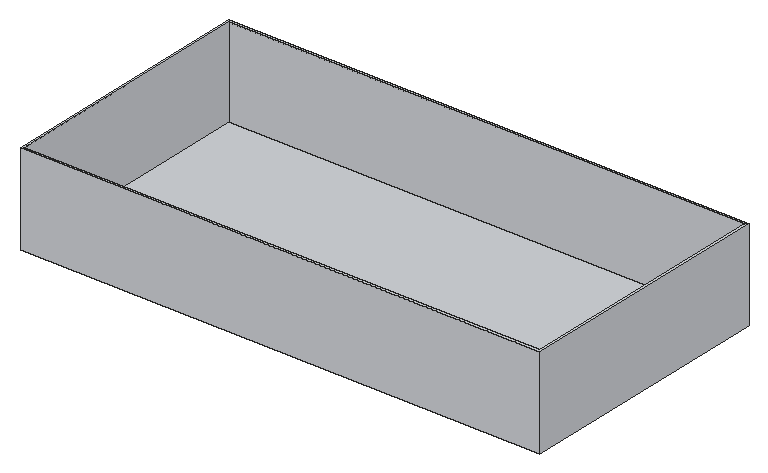
Revit family "Hager-Panelboard_600A-800A_Cable_Spreader-empty-UK-en", category Electrical Equipment, host Face, Revit 2020
Family settings
  Host = Face
  Panel Configuration = Two Columns, Circuits Across
  Round Connector Dimension = Use Diameter
  Part Type = Panelboard
  Cut with Voids When Loaded = No
  Shared = No
  Room Calculation Point = No
Parameters (values of type "Surface mounted P2XC W900 H450 D158 0 Modular spacings - JF806E")
  Width Control [instance] = if([HG000006 - Flush mounted], if([EF000846 - Built-in width] > min_whd, [EF000846 - Built-in width], min_whd), if([EF000008 - Width] > min_whd, ([EF000008 - Width]), min_whd))  # 900 mm
  Void Depth [instance] = if([HG000006 - Flush mounted], Depth Control, 1 mm)  # 1 mm
  Type Comments = [HG000003 - Range]  # "Panelboards"
  System Height [instance] = Height Control - 2 * [HG000005 - Thickness]  # 444 mm
  Model = [HG000004 - Manufacturer reference]  # "JF806E"
  HG000017 - Distance between poles = 18 mm
  HG000016 - Door 3d visibility [instance] = yes
  HG000015 - Clearance visibility [instance] = no
  HG000014 - Door on the right [instance] = yes
  HG000013 - Door on the left [instance] = not([HG000014 - Door on the right])  # no
  HG000012 - Door swing angle [instance] = 45.00°
  HG000011 - Empty rows from bottom = no
  HG000010 - Asymmetric doors = no
  HG000009 - Double swing door = no
  HG000008 - Number of empty rows = 0
  HG000007 - Number of empty columns = 0
  HG000006 - Flush mounted = no
  HG000005 - Thickness = 3 mm  # constant formula
  HG000004 - Manufacturer reference = "JF806E"
  HG000003 - Range = "Panelboards"
  HG000002 - With door or cover = no
  HG000001 - Number of columns = 0
  EF015941 - Signal passing door = no
  EF015777 - Neutral terminal block = yes
  EF015776 - Earthing terminal block = yes
  EF009212 - Cover model = ""
  EF006306 - With lock = yes
  EF006244 - Transparent cover/door = no
  EF005474 - Degree of protection (IP) = "EV009848 - IP2XC"
  EF004462 - Type of closure = "EV001412 - Cylinder"
  EF002950 - Width in number of modular spacings = 0
  EF001596 - Material housing = "EV000179 - Steel"
  EF001134 - DIN-rail = no
  EF001131 - Internal depth = 0 mm
  EF001088 - Extension possible = no
  EF001062 - EMC-version = no
  EF000846 - Built-in width = 0 mm
  EF000339 - Type of cover = "EV004216 - Door"
  EF000332 - Built-in height = 0 mm
  EF000266 - Number of rows = 0
  EF000218 - Built-in depth = 0 mm
  EF000118 - With mounting plate = no
  EF000116 - RAL-number = ""
  EF000049 - Depth = 158 mm
  EF000040 - Height = 450 mm
  EF000008 - Width = 900 mm
  EF000007 - Colour = "EV000154 - Other"
  EF000003 - Mounting method = "EV000384 - Surface mounted (plaster)"
  Arrow Offset [instance] = Depth Control / 8  # 19.75 mm
  Arrow Height [instance] = Depth Control - Arrow Offset  # 138.25 mm
  Host Offset [instance] = if([HG000006 - Flush mounted], 0 mm, [EF000049 - Depth])  # 158 mm
  min_whd [instance] = (2 * [HG000005 - Thickness]) + 1 mm  # 7 mm
  Manufacturer = "Hager"  # constant formula
  Height Control [instance] = if([HG000006 - Flush mounted], if([EF000332 - Built-in height] > min_whd, [EF000332 - Built-in height], min_whd), if([EF000040 - Height] > min_whd, ([EF000040 - Height]), min_whd))  # 450 mm
  Flush Mounted - Door Frame Width [instance] = if(([EF000040 - Height] - [EF000332 - Built-in height]) > 0 mm, if([HG000006 - Flush mounted], [EF000040 - Height] - [EF000332 - Built-in height], 0 mm), 0 mm)  # 0 mm
  Depth Control [instance] = if([HG000006 - Flush mounted], if([EF000218 - Built-in depth] > 0 mm, [EF000218 - Built-in depth], 1 mm), if([EF000049 - Depth] > 0 mm, ([EF000049 - Depth]), 1 mm))  # 158 mm
  Default Elevation = 0 mm
Types (2, lengths in mm): name | System Height | Model | HG000004 - Manufacturer reference | EF001088 - Extension possible | EF000339 - Type of cover | EF000040 - Height | Height Control
  Surface mounted P2XC W900 H300 D158  Modular spacings - JF805E | 294 | "JF805E" | "JF805E" | yes | "EV001012 - Cover" | 300 | 300
  Surface mounted P2XC W900 H450 D158 0 Modular spacings - JF806E | 444 | "JF806E" | "JF806E" | no | "EV004216 - Door" | 450 | 450
Reference planes
  plane 1 "Center (Front/Back)": y = 0
  plane 2: z = 0
  plane 3 "Center (Left/Right)": x = 0
  plane 4: z = 158
  plane 5: y = 3
  plane 6: z = 153
  plane 7: y = 225
  plane 8: y = 0
  plane 9: y = 450
  plane 10: z = 0
  plane 11: x = -450
  plane 12: x = 450
  plane 13: x = 447
  plane 14: x = -447
  plane 15: y = 447
  plane 16: z = 3
  plane 17: z = 155
  plane 18: z = -1
  plane 19: z = 155
Forms (mm)
  Extrusion 1, solid
    sketch origin (-583.045, 0, 1219.2) x (-1, 0, 0) y (0, 0, 1)
      loop
        line (-133.045, -1061.2) -> (-1033.045, -1061.2) -> (-1033.045, -1219.2) -> (-133.045, -1219.2) -> (-133.045, -1061.2)
    from 0 to 450 <- "Height Control"
  Extrusion 2, void
    sketch origin (-381.607, -4572, 158) x (0, -1, 0) y (-1, 0, 0)
      loop
        line (-5019, 65.393) -> (-5019, -828.607) -> (-4575, -828.607) -> (-4575, 65.393) -> (-5019, 65.393)
    from 0 to 155
  Extrusion 3, void
    sketch origin (0, 0, 0) x (1, 0, 0) y (0, 1, 0)
      loop
        line (-450, 0) -> (450, 0) -> (450, 450) -> (-450, 450) -> (-450, 0)
    from -1 to 1
  Extrusion 4, solid, detail levels coarse+medium
    sketch origin (-381.607, -4572, 158) x (-1, 0, 0) y (0, -1, 0)
      loop
        line (65.393, -5019) -> (65.393, -4575) -> (-828.607, -4575) -> (-828.607, -5019) -> (65.393, -5019)
    from 0 to -3
Cuts and joins
  Extrusion 2 cuts Extrusion 1
Dimensions and locks
  plane 4 to plane 6 = 5 mm
  "Host Offset": plane 4 to host face
  "Flush Mounted - Door Frame Width": plane 1 "Center (Front/Back)" to plane 8
  "HG000005 - Thickness": plane 5 to plane 8
  locked: connector elem to plane 3 "Center (Left/Right)"
  "Height Control": plane 9 to plane 8
  equal spacing: plane 9, plane 7, plane 8
  locked: connector elem to plane 7
  "Depth Control": plane 4 to plane 10
  "HG000005 - Thickness": plane 11 to plane 14
  "HG000005 - Thickness": plane 12 to plane 13
  equal spacing: plane 11, plane 3 "Center (Left/Right)", plane 12
  "Width Control": plane 11 to plane 12
  "Arrow Offset": nested 4 to plane 10
  "HG000005 - Thickness": plane 9 to plane 15
  "HG000005 - Thickness": plane 16 to plane 10
  "HG000005 - Thickness": plane 4 to plane 17
  "Void Depth": plane 2 to plane 18
  "HG000005 - Thickness": plane 4 to plane 19
  aligned and locked: plane 2 to host face
  aligned and locked: level to host face
  aligned and locked: plane 3 "Center (Left/Right)" to nested 2
  aligned and locked: nested 2 to plane 4
  aligned and locked: nested 2 to plane 8
  aligned and locked: nested 1 to plane 6
  aligned and locked: nested 1 to plane 5
  aligned and locked: nested 4 to plane 11
  aligned and locked: nested 3 to plane 4
  aligned and locked: Extrusion 1 sketch curve to plane 12
  aligned and locked: Extrusion 1 sketch curve to plane 11
  aligned and locked: nested 3 to plane 10
  aligned and locked: plane 10 to Extrusion 1 sketch curve
  aligned and locked: Extrusion 2 sketch curve to plane 5
  aligned and locked: Extrusion 2 sketch curve to plane 15
  aligned and locked: Extrusion 2 sketch curve to plane 14
  aligned and locked: Extrusion 2 sketch curve to plane 13
  aligned and locked: plane 11 to Extrusion 3 sketch curve
  aligned and locked: plane 9 to Extrusion 3 sketch curve
  aligned and locked: Extrusion 3 sketch curve to plane 8
  aligned and locked: plane 12 to Extrusion 3 sketch curve
  aligned and locked: nested 3 to plane 12
  aligned and locked: Extrusion 3 to plane 18
  aligned and locked: Extrusion 2 to plane 16
  aligned and locked: Extrusion 1 sketch curve to plane 4
  aligned and locked: Extrusion 4 to plane 17
  aligned and locked: Extrusion 4 sketch curve to plane 15
  aligned and locked: Extrusion 4 sketch curve to plane 13
  aligned and locked: Extrusion 4 sketch curve to plane 14
  aligned and locked: Extrusion 4 sketch curve to plane 5
Automatic sketch dimensions
  host sketch curve to host sketch curve = 1469.727 mm
  host sketch curve to host sketch curve = 1434.803 mm
Nested families
  nested 1: "Hager_Enclosure_System" at (0, 3, 153) x (1, 0, 0) z (0, 1, 0), Depth <- "HG000005 - Thickness", Height <- "System Height", Width <- "EF000008 - Width", Border <- "HG000005 - Thickness", Flush_Mounted <- "HG000006 - Flush mounted", Built-in_Width <- "EF000846 - Built-in width", Row_Module_Multiplicator <- "EF002950 - Width in number of modular spacings", Total_No_Empty_Rows <- "HG000008 - Number of empty rows", Total_No_Rows <- "EF000266 - Number of rows", Empty_Columns <- "HG000007 - Number of empty columns", Width_Control <- "Width Control", Empty_Rows_From_Bottom <- "HG000011 - Empty rows from bottom", Distance_Between_Poles <- "HG000017 - Distance between poles", Rows_Count <- "EF000266 - Number of rows", Columns_Count <- "HG000001 - Number of columns", type "Hager_Enclosure_System", detail levels fine
    with Width_Control 900 mm, Width 900 mm, Total_No_Rows 0, Total_No_Empty_Rows 0, Total_No_Columns 1, System_Width 894 mm, Rows_Count 0, Rows_Column 0, Row_Module_Multiplicator 0, Panel_4 no, Panel_3 no, Panel_2 no, Panel_1 no, No_Panels_Ctrl 1, Hide_Columns yes, Height 444 mm, Flush_Mounted no, Empty_Rows_From_Bottom no, Empty_Rows_Column 0, Empty_Columns 0, Distance_Between_Poles 18 mm, Depth 3 mm, Columns_Count 0, Column_Width 894 mm, Built-in_Width 0 mm, Border 3 mm
  nested 2: "Hager_Enclosure_Door" at (0, 0, 158) x (1, 0, 0) z (0, 1, 0), Border <- "HG000005 - Thickness", Door_Right <- "HG000014 - Door on the right", Flush_Mounted <- "HG000006 - Flush mounted", Depth <- "EF000049 - Depth", Width <- "EF000008 - Width", Door_Left <- "HG000013 - Door on the left", 3d_Door <- "HG000016 - Door 3d visibility", BuiltIn_Width <- "EF000846 - Built-in width", BuiltIn_Height <- "EF000332 - Built-in height", BuiltIn_Depth <- "EF000218 - Built-in depth", Angle <- "HG000012 - Door swing angle", Assymetrical <- "HG000010 - Asymmetric doors", Double <- "HG000009 - Double swing door", Clearance <- "HG000015 - Clearance visibility", Transparent <- "EF006244 - Transparent cover/door", Door <- "HG000002 - With door or cover", Height_Ctrl <- "Height Control", Width_Ctrl <- "Width Control", Height <- "EF000040 - Height", type "Hager_Enclosure_Door", detail levels medium+fine
    with min_wh 7 mm, Width_Ctrl 900 mm, Width 900 mm, Transparent_Door_No_Bottom_Border no, Transparent no, Leaf_Width 891 mm, Leaf_Tolerance 1.5 mm, Leaf_Height 441 mm, Leaf_2_Width 891 mm, Leaf_2_Offset 445.5 mm, Leaf_1_Width 891 mm, Leaf_1_Offset 445.5 mm, Height_Ctrl 450 mm, Height 450 mm, Frame_Width_Ctrl 900 mm, Frame_Width 900 mm, Frame_Internal_Offset 0 mm, Frame_Height_Ctrl 450 mm, Frame_Height 450 mm, Frame_Depth_Ctrl 1 mm, Frame_Depth 0 mm, Flush_Mounted no, Double_Clearance_Ctrl no, Double no, Door_Right_Ctrl no, Door_Right yes, Door_Left_Ctrl no, Door_Left no, Door no, Depth 158 mm, Clearance_Depth 891 mm, Clearance_Ctrl no, Clearance no, BuiltIn_Width 0 mm, BuiltIn_Height 0 mm, BuiltIn_Depth 0 mm, Border 3 mm, Assymetrical no, Angle 45.00°, 3d_Door yes
  nested 3: "Hager_Enclosure_Symbol_Triangle" at (-450, 0, 0) x (1, 0, 0) z (0, -1, 0), Depth <- "Depth Control", Width <- "Width Control", type "Hager_Enclosure_Symbol_Triangle"
    with Width_Ctrl 900 mm, Width 900 mm, Depth_Ctrl 158 mm, Depth 158 mm
  nested 4: "Hager_Enclosure_Symbol_Arrow" at (-450, 0, 19.75) x (1, 0, 0) z (0, -1, 0), Height <- "Arrow Height", type "Hager_Enclosure_Symbol_Arrow"
    with Width_Inside 10.369 mm, Width 124.425 mm, Height_Ctrl 138.25 mm, Height 138.25 mm
Connectors
  electrical at (0, 225, 0)
    settings: on plane 10, index 1, voltage 0 V, apparent load 0 VA, apparent load phase1 0 VA, apparent load phase2 0 VA, apparent load phase3 0 VA, power factor 1, load classification "Other", number of poles 1, system type 30, power factor state 1, is connector primary yes, connector utility no, sub classification motor no, connector description ""
Definition of nested family "Hager_Enclosure_Door"
  Parameters (values of type "Hager_Enclosure_Door")
    min_wh [instance] = (2 * Border) + 1 mm  # 11 mm
    Width_Ctrl [instance] = 400 mm
    Width [instance] = 500 mm
    Transparent_Door_No_Bottom_Border [instance] = no
    Transparent [instance] = yes
    Leaf_Width [instance] = if((Width_Ctrl - 2 * Border - 2 * Leaf_Tolerance) > 0 mm, (Width_Ctrl - 2 * Border - 2 * Leaf_Tolerance), min_wh)  # 387 mm
    Leaf_Tolerance [instance] = 1.5 mm  # constant formula
    Leaf_Height [instance] = if((Height_Ctrl - 2 * Border - 2 * Leaf_Tolerance) > 0 mm, (Height_Ctrl - 2 * Border - 2 * Leaf_Tolerance), min_wh)  # 387 mm
    Leaf_2_Width [instance] = if(and(and(Double, Assymetrical), Door_Left), (Leaf_Width / 3) - (Leaf_Tolerance / 2), if(and(and(Double, Assymetrical), Door_Right), (Leaf_Width / 3) * 2 - (Leaf_Tolerance / 2), if(and(Double, not(Assymetrical)), (Leaf_Width / 2) - Leaf_Tolerance, Leaf_Width)))  # 387 mm
    Leaf_2_Offset [instance] = if(and(Double, Assymetrical), Leaf_2_Width / 2, if(and(Double, not(Assymetrical)), Leaf_Width / 4, Leaf_Width / 2))  # 193.5 mm
    Leaf_1_Width [instance] = if(and(and(Double, Assymetrical), Door_Right), (Leaf_Width / 3) - (Leaf_Tolerance / 2), if(and(and(Double, Assymetrical), Door_Left), (Width / 3) * 2 - (Leaf_Tolerance / 2), if(and(Double, not(Assymetrical)), (Leaf_Width / 2) - Leaf_Tolerance, Leaf_Width)))  # 387 mm
    Leaf_1_Offset [instance] = if(and(Double, Assymetrical), Leaf_1_Width / 2, if(and(Double, not(Assymetrical)), Leaf_Width / 4, Leaf_Width / 2))  # 193.5 mm
    Height_Ctrl [instance] = 400 mm
    Height [instance] = 500 mm
    Frame_Width_Ctrl [instance] = if(Frame_Width > 0 mm, Frame_Width, 1 mm)  # 1 mm
    Frame_Width [instance] = Width - BuiltIn_Width  # 0 mm
    Frame_Internal_Offset [instance] = if(Flush_Mounted, Border, 0 mm)  # 5 mm
    Frame_Height_Ctrl [instance] = if(Frame_Height > 0 mm, Frame_Height, 1 mm)  # 1 mm
    Frame_Height [instance] = Height - BuiltIn_Height  # 0 mm
    Frame_Depth_Ctrl [instance] = if(Frame_Depth > 0 mm, Frame_Depth, 1 mm)  # 1 mm
    Frame_Depth [instance] = if(Depth - BuiltIn_Depth > 0 mm, if(Flush_Mounted, Depth - BuiltIn_Depth, 0 mm), 0 mm)  # 0 mm
    Flush_Mounted [instance] = yes
    Double_Clearance_Ctrl [instance] = and(Double, Clearance)  # no
    Double [instance] = no
    Door_Right_Ctrl [instance] = and(or(Door_Right, Double), Door)  # yes
    Door_Right [instance] = yes
    Door_Left_Ctrl [instance] = and(or(Door_Left, Double), Door)  # no
    Door_Left [instance] = no
    Door [instance] = yes
    Depth [instance] = 500 mm
    Default Elevation = 1219.2 mm
    Clearance_Material = none
    Clearance_Depth [instance] = if(Leaf_1_Width > Leaf_2_Width, Leaf_1_Width, Leaf_2_Width)  # 387 mm
    Clearance_Ctrl [instance] = and(not(Double), Clearance)  # yes
    Clearance [instance] = yes
    BuiltIn_Width [instance] = 500 mm
    BuiltIn_Height [instance] = 500 mm
    BuiltIn_Depth [instance] = 500 mm
    Border [instance] = 5 mm
    Assymetrical [instance] = yes
    Angle [instance] = 30.00°
    3d_Door [instance] = yes
  Reference planes
    plane 1 "Center (Front/Back)": y = 0
    plane 2 "Bottom": z = 0
    plane 3 "Center (Left/Right)": x = 0
    plane 4: z = 400
    plane 5: x = -200
    plane 6: x = 200
    plane 7: z = 395
    plane 8: x = -195
    plane 9: z = 5
    plane 10: x = 195
    plane 11: y = 0
    plane 12: z = 6.5
    plane 13: x = -582
    plane 14: y = -387
    plane 15: x = 582
    plane 16: x = 0
    plane 17: x = 0
    plane 18: x = -193.5
    plane 19: x = 193.5
    plane 20: z = 393.5
  Forms (mm)
    Extrusion 1, solid, visible <- "Flush_Mounted"
      sketch origin (0, 0, 0) x (1, 0, 0) y (0, 0, 1)
        loop
          line (195, 5) -> (195, 395) -> (-195, 395) -> (-195, 5) -> (195, 5)
        loop
          line (-201, 401) -> (-201, -1) -> (201, -1) -> (201, 401) -> (-201, 401)
      from 0 to 1 <- "Frame_Depth_Ctrl"
    Extrusion 2, solid, material <- "Clearance_Material", visible <- "Double_Clearance_Ctrl"
      sketch origin (1200, 0, 0) x (1, 0, 0) y (0, 0, -1)
        loop
          line (-1782, -393.5) -> (-618, -393.5) -> (-618, 0) -> (-1782, 0) -> (-1782, -393.5)
      from 0 to -387
  Dimensions and locks
    equal spacing: plane 5, plane 3 "Center (Left/Right)", plane 6
    "Width_Ctrl": plane 5 to plane 6
    "Border": plane 5 to plane 8
    "Border": plane 6 to plane 10
    "Border": plane 9 to level
    "Border": plane 4 to plane 7
    "Height_Ctrl": plane 4 to level
    "Leaf_Tolerance": plane 12 to plane 9
    "Frame_Depth": plane 11 to plane 1 "Center (Front/Back)"
    "Frame_Width_Ctrl": plane 5 to Extrusion 1 sketch curve
    "Frame_Width_Ctrl": plane 6 to Extrusion 1 sketch curve
    "Frame_Width_Ctrl": Extrusion 1 sketch curve to plane 4
    "Frame_Width_Ctrl": plane 2 "Bottom" to Extrusion 1 sketch curve
    "Leaf_1_Offset": plane 18 to plane 16
    "Leaf_2_Offset": plane 17 to plane 19
    "Leaf_1_Width": plane 13 to plane 8
    "Leaf_2_Width": plane 10 to plane 15
    "Clearance_Depth": plane 14 to plane 1 "Center (Front/Back)"
    "Leaf_Tolerance": plane 8 to plane 18
    "Leaf_Tolerance": plane 19 to plane 10
    "Leaf_Tolerance": plane 7 to plane 20
    "Frame_Internal_Offset": plane 5 to Extrusion 1 sketch curve
    "Frame_Internal_Offset": Extrusion 1 sketch curve to plane 2 "Bottom"
    "Frame_Internal_Offset": plane 6 to Extrusion 1 sketch curve
    "Frame_Internal_Offset": plane 4 to Extrusion 1 sketch curve
    aligned and locked: level to plane 2 "Bottom"
    aligned and locked: nested 1 to plane 16
    aligned and locked: nested 2 to plane 17
    aligned and locked: Extrusion 2 to plane 13
    aligned and locked: plane 15 to Extrusion 2
    aligned and locked: Extrusion 2 to plane 14
    aligned and locked: plane 12 to nested 1
    aligned and locked: nested 2 to plane 12
    aligned and locked: Extrusion 2 to plane 11
    aligned and locked: plane 20 to Extrusion 2
    aligned and locked: nested 2 to plane 11
    aligned and locked: nested 1 to plane 11
  Automatic sketch dimensions
    Extrusion 2 sketch curve to level = 0 mm
    plane 5 to Extrusion 2 sketch curve = 382 mm
    plane 6 to Extrusion 2 sketch curve = 382 mm
    Extrusion 2 sketch curve to plane 4 = 6.5 mm
  Nested families
    nested 1: "Hager_Enclosure_Door_Leaf" at (0, 0, 6.5), Width <- "Leaf_1_Width", visible <- "Door_Left_Ctrl", Leaf_Height <- "Leaf_Height", Angle <- "Angle", Depth <- "Border", 3d_Door <- "3d_Door", Transparent <- "Transparent", Clearance Material <- "Clearance_Material", Clearance <- "Clearance_Ctrl", Transparent_Door_No_Bottom_Border <- "Transparent_Door_No_Bottom_Border", type "Hager_Enclosure_Door_Leaf"
      with Width 387 mm, Transparent_Door_No_Bottom_Border no, Transparent_Door_Border_Bottom_Top 25 mm, Transparent_Door_Border 25 mm, Transparent_Ctrl yes, Transparent yes, Standard no, Leaf_Height 387 mm, Glass_Offset 1 mm, Depth 5 mm, Clearance Material none, Clearance yes, Angle_Ctrl 30.00°, Angle 30.00°, 3d_Door yes
    nested 2: "Hager_Enclosure_Door_Leaf" at (0, 0, 6.5) x (-1, 0, 0) z (0, 0, 1), Width <- "Leaf_2_Width", visible <- "Door_Right_Ctrl", Leaf_Height <- "Leaf_Height", Angle <- "Angle", Depth <- "Border", 3d_Door <- "3d_Door", Transparent <- "Transparent", Clearance Material <- "Clearance_Material", Clearance <- "Clearance_Ctrl", Transparent_Door_No_Bottom_Border <- "Transparent_Door_No_Bottom_Border", type "Hager_Enclosure_Door_Leaf"
      with Width 387 mm, Transparent_Door_No_Bottom_Border no, Transparent_Door_Border_Bottom_Top 25 mm, Transparent_Door_Border 25 mm, Transparent_Ctrl yes, Transparent yes, Standard no, Leaf_Height 387 mm, Glass_Offset 1 mm, Depth 5 mm, Clearance Material none, Clearance yes, Angle_Ctrl 30.00°, Angle 30.00°, 3d_Door yes
  Definition of nested family "Hager_Enclosure_Door_Leaf"
    Parameters (values of type "Hager_Enclosure_Door_Leaf")
      Width [instance] = 2000 mm
      Transparent_Door_No_Bottom_Border [instance] = yes
      Transparent_Door_Border_Bottom_Top [instance] = if(Transparent_Door_No_Bottom_Border, 0.1 mm, Transparent_Door_Border)  # 0.1 mm
      Transparent_Door_Border [instance] = if(Transparent_Door_No_Bottom_Border, (Width * 0.12), 25 mm)  # 240 mm
      Transparent_Ctrl [instance] = and(Transparent, [3d_Door])  # yes
      Transparent [instance] = yes
      Standard [instance] = and(not(Transparent), [3d_Door])  # no
      Leaf_Height [instance] = 2720.336 mm
      Glass_Offset [instance] = if((Depth - 10 mm) / 2 > 0 mm, (Depth - 10 mm) / 2, 1 mm)  # 15 mm
      Glass_Material = none
      Depth [instance] = 40 mm
      Default Elevation = 0 mm
      Clearance Material [instance] = none
      Clearance [instance] = yes
      Angle_Ctrl [instance] = if(Angle > 170.00°, 170.00°, Angle)  # 45.00°
      Angle [instance] = 45.00°
      3d_Door [instance] = yes
    Reference planes
      plane 1 "Center (Front/Back)": y = 0
      plane 2: z = 0
      plane 3 "Center (Left/Right)": x = 0
      plane 4: y = 2000
      plane 5: x = -1000
      plane 6: x = 1000
      plane 7: x = -3000
      plane 8: z = 2720.336
      plane 9: z = 0.1
      plane 10: z = 2720.236
      plane 11: x = 760
      plane 12: x = -760
    Forms (mm)
      Extrusion 1, solid, material <- "Clearance Material", visible <- "Clearance"
        sketch origin (0, 0, 0) x (1, 0, 0) y (0, 0, 1)
          loop
            line (-3000, 2720.336) -> (-3000, 0) -> (1000, 0) -> (1000, 2720.336) -> (-3000, 2720.336)
        from 0 to -2000
      Extrusion 2, solid, visible <- "Standard", detail levels medium+fine
        sketch origin (-1000, 0, 0) x (0.707107, 0.707107, 0) y (-0.707107, 0.707107, 0)
          loop
            line (0, -40) -> (2000, -40) -> (2000, 0) -> (0, 0) -> (0, -40)
        from 0 to 2720.336 <- "Leaf_Height"
      Extrusion 3, solid, visible <- "Transparent_Ctrl", detail levels medium+fine
        sketch origin (-1000, 0, 0) x (0.707107, 0.707107, 0) y (-0.707107, 0.707107, 0)
          loop
            line (0, -40) -> (2000, -40) -> (2000, 0) -> (0, 0) -> (0, -40)
        from 0 to 2720.336 <- "Leaf_Height"
      Extrusion 4, void, detail levels medium+fine
        sketch origin (-1000, 0, 0) x (-0.707107, 0.707107, 0) y (0.707107, 0.707107, 0)
          loop
            line (0, 240) -> (0, 1760) -> (-40, 1760) -> (-40, 240) -> (0, 240)
        from -2720.236 to -0.1
      Extrusion 5, solid, material <- "Glass_Material", visible <- "Transparent_Ctrl", detail levels medium+fine
        sketch origin (-1000, 0, 0) x (0.707107, 0.707107, 0) y (-0.707107, 0.707107, 0)
          loop
            line (240, -15) -> (240, -25) -> (1760, -25) -> (1760, -15) -> (240, -15)
        from 0.1 to 2720.236
    Cuts and joins
      Extrusion 4 cuts Extrusion 3
    Lines and regions (mm)
      symbolic lines
        curve 1: line (1000, 0, 0) -> (-3000, 0, 0)
        curve 2: arc (1000, 0, 0) -> (-1000, 2000, 0) -> (-3000, 0, 0) r 2000
        curve 4: line (-1000, 0, 0) -> (414.214, 1414.214, 0)
      reference lines
        curve 3: line (-1000, 0, 0) -> (414.214, 1414.214, 0)
      symbolic lines, detail levels medium+fine
        curve 5: line (414.214, 1414.214, 0) -> (442.498, 1385.929, 0)
        curve 6: line (442.498, 1385.929, 0) -> (-971.716, -28.284, 0)
        curve 7: line (-971.716, -28.284, 0) -> (-1000, 0, 0)
        curve 8: line (-1000, 0, 2720.336) -> (1000, 0, 2720.336)
        curve 9: line (-1000, 0, 0) -> (-1000, 0, 2720.336)
        curve 10: line (1000, 0, 0) -> (-1000, 0, 0)
        curve 11: line (1000, 0, 2720.336) -> (1000, 0, 0)
      symbolic lines, visible <- "Transparent_Ctrl", detail levels medium+fine
        curve 12: line (-760, 0, 2720.236) -> (760, 0, 2720.236)
        curve 13: line (-760, 0, 0.1) -> (-760, 0, 2720.236)
        curve 14: line (760, 0, 0.1) -> (-760, 0, 0.1)
        curve 15: line (760, 0, 2720.236) -> (760, 0, 0.1)
    Dimensions and locks
      "Width": plane 1 "Center (Front/Back)" to plane 4
      equal spacing: plane 5, plane 3 "Center (Left/Right)", plane 6
      "Width": plane 5 to plane 6
      "Width": plane 7 to plane 5
      "Leaf_Height": plane 8 to level
      "Depth": curve 6 to curve 3
      "Width": curve 5 to curve 3
      "Width": curve 3 to curve 3
      "Transparent_Door_Border": Extrusion 4 sketch curve to curve 7
      "Transparent_Door_Border": Extrusion 4 sketch curve to curve 5
      "Transparent_Door_Border_Bottom_Top": plane 8 to plane 10
      "Transparent_Door_Border_Bottom_Top": plane 9 to level
      "Glass_Offset": Extrusion 5 sketch curve to curve 4
      "Glass_Offset": Extrusion 5 sketch curve to curve 6
      "Transparent_Door_Border": Extrusion 5 sketch curve to curve 5
      "Transparent_Door_Border": Extrusion 5 sketch curve to curve 7
      "Transparent_Door_Border": plane 12 to plane 5
      "Transparent_Door_Border": plane 6 to plane 11
      "Angle_Ctrl": angle plane 1 "Center (Front/Back)" to curve 3
      aligned and locked: level to plane 2
      aligned and locked: Extrusion 1 to curve 1
      aligned and locked: plane 6 to Extrusion 1
      aligned and locked: Extrusion 1 to plane 1 "Center (Front/Back)"
      aligned and locked: plane 4 to Extrusion 1
      aligned and locked: plane 8 to Extrusion 1
      aligned and locked: curve 4 to curve 3
      aligned and locked: Extrusion 2 sketch curve to curve 7
      aligned and locked: Extrusion 2 sketch curve to curve 6
      aligned and locked: Extrusion 2 sketch curve to curve 5
      aligned and locked: Extrusion 2 sketch curve to curve 3
      aligned and locked: curve 7 to Extrusion 3 sketch curve
      aligned and locked: Extrusion 3 sketch curve to curve 4
      aligned and locked: Extrusion 3 sketch curve to curve 6
      aligned and locked: Extrusion 3 sketch curve to curve 5
      aligned and locked: curve 4 to Extrusion 4 sketch curve
      aligned and locked: curve 6 to Extrusion 4 sketch curve
      aligned and locked: Extrusion 4 to plane 9
      aligned and locked: Extrusion 4 to plane 10
      aligned and locked: Extrusion 5 to plane 9
      aligned and locked: Extrusion 5 to plane 10
      aligned and locked: curve 8 to plane 8
      aligned and locked: plane 5 to curve 9
      aligned and locked: plane 2 to curve 10
      aligned and locked: curve 11 to plane 6
      aligned and locked: plane 10 to curve 12
      aligned and locked: plane 12 to curve 13
      aligned and locked: curve 14 to plane 9
      aligned and locked: plane 11 to curve 15
    Automatic sketch dimensions
      plane 1 "Center (Front/Back)" to curve 2 = 0 mm
      curve 2 to plane 5 = 0 mm
      Extrusion 1 sketch curve to level = 0 mm
      Extrusion 1 sketch curve to plane 7 = 0 mm
      Extrusion 1 sketch curve to plane 6 = 0 mm
      Extrusion 1 sketch curve to plane 8 = 0 mm
      plane 1 "Center (Front/Back)" to curve 3 = 0 mm
      curve 3 to plane 5 = 0 mm
      curve 7 to curve 3 = 0 mm
Definition of nested family "Hager_Enclosure_Symbol_Triangle"
  Parameters (values of type "Hager_Enclosure_Symbol_Triangle")
    Width_Ctrl [instance] = if(Width > 1 mm, Width, 1 mm)  # 498 mm
    Width [instance] = 498 mm
    Depth_Ctrl [instance] = if(Depth > 1 mm, Depth, 1 mm)  # 72 mm
    Depth [instance] = 72 mm
  Reference planes
    plane 1 "Centre (avant/arrière)": y = 0
    plane 2: z = 0
    plane 3 "Centre (gauche/droite)": x = 0
  Lines and regions (mm)
    Filled region 1, type "Solid_Black", in view "Niveau de réf."
      outline origin (0, 0, 0) x (1, 0, 0) y (0, 1, 0)
        loop
          line (0, 0) -> (498, 0) -> (498, 72) -> (0, 0)
    reference lines, in view "Niveau de réf."
      curve 1: line (-206.153, 72, 0) -> (1083.258, 72, 0)
      curve 2: line (498, 405.456, 0) -> (498, -517.619, 0)
  Dimensions and locks
    "Depth_Ctrl": plane 1 "Centre (avant/arrière)" to curve 1
    "Width_Ctrl": plane 3 "Centre (gauche/droite)" to curve 2
    aligned and locked: curve 1 to Filled region 1 sketch curve
    aligned and locked: Filled region 1 sketch curve to plane 1 "Centre (avant/arrière)"
    aligned and locked: curve 2 to Filled region 1 sketch curve
    aligned and locked: plane 3 "Centre (gauche/droite)" to Filled region 1 sketch curve
    aligned and locked: plane 1 "Centre (avant/arrière)" to Filled region 1 sketch curve
  Automatic sketch dimensions
    curve 1 to plane 3 "Centre (gauche/droite)" = 206.153 mm
    curve 2 to curve 1 = 585.258 mm
    plane 1 "Centre (avant/arrière)" to curve 2 = 517.619 mm
    curve 2 to plane 1 "Centre (avant/arrière)" = 405.456 mm
Definition of nested family "Hager_Enclosure_Symbol_Arrow"
  Parameters (values of type "Hager_Enclosure_Symbol_Arrow")
    Width_Inside [instance] = if(Width / 12 > 2 mm, Width / 12, 2 mm)  # 4.987 mm
    Width [instance] = if(Height_Ctrl * 0.9 > 2 mm, Height_Ctrl * 0.9, 2 mm)  # 59.85 mm
    Height_Ctrl [instance] = if(Height > 2 mm, Height, 2 mm)  # 66.5 mm
    Height [instance] = 66.5 mm
  Reference planes
    plane 1 "Centre (avant/arrière)": y = 0
    plane 2: z = 0
    plane 3 "Centre (gauche/droite)": x = 0
    plane 4: x = 59.85
    plane 5: y = 28.263
    plane 6: y = 38.238
    plane 7: y = 66.5
    plane 8: x = 29.925
    plane 9: y = 33.25
  Lines and regions (mm)
    Filled region 1, type "Solid_Black", in view "Niveau de réf."
      outline origin (0, 0, 0) x (1, 0, 0) y (0, 1, 0)
        loop
          line (59.85, 66.5) -> (37.929, 52.827) -> (51.846, 41.935) -> (59.85, 66.5)
    detail lines, in view "Niveau de réf."
      curve 1: line (0, 0, 0) -> (29.925, 38.238, 0)
      curve 2: line (29.925, 38.238, 0) -> (29.925, 28.263, 0)
      curve 3: line (29.925, 28.263, 0) -> (59.85, 66.5, 0)
  Dimensions and locks
    "Width": plane 3 "Centre (gauche/droite)" to plane 4
    "Height_Ctrl": plane 7 to plane 1 "Centre (avant/arrière)"
    equal spacing: plane 3 "Centre (gauche/droite)", plane 8, plane 4
    equal spacing: plane 7, plane 9, plane 1 "Centre (avant/arrière)"
    equal spacing: plane 6, plane 9, plane 5
    "Width_Inside": plane 6 to plane 9
    equal spacing: curve 3, Filled region 1 sketch curve, Filled region 1 sketch curve
    angle Filled region 1 sketch curve to curve 3 = 20.00°
    angle curve 3 to Filled region 1 sketch curve = 20.00°
    locked: curve 3 to Filled region 1 sketch curve (angle 90.00°)
  Automatic sketch dimensions
    plane 1 "Centre (avant/arrière)" to curve 1 = 0 mm
    curve 1 to plane 3 "Centre (gauche/droite)" = 0 mm
    curve 2 to plane 6 = 0 mm
    curve 3 to plane 8 = 0 mm
    curve 3 to plane 4 = 0 mm
    curve 2 to plane 5 = 0 mm
    curve 3 to plane 7 = 0 mm
    Filled region 1 sketch curve to plane 4 = 0 mm
    Filled region 1 sketch curve to plane 7 = 0 mm
